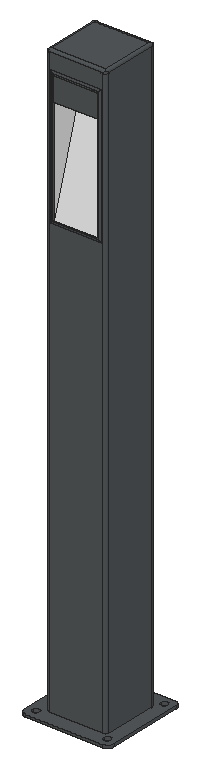
Revit family "svetilnik_alfresco_ar deko_dtu19", category Lighting Fixtures, Revit 2016 (continued)
Definition of nested family "Источник света Ар_Деко"
  Types (5, lengths in mm): name | Photometric Web File | built-in parameter 1150142
             0.2       0.2\r\n       0.2       0.2       0.2       0.2       0.2       0.2       0.2       0.2\r\n       0.2       0.2       0.2       0.2       0.2       0.2       0.2       0.2\r\n       0.2       0.2       0.2       0.2       0.2       0.2       0.2       0.2\r\n       0.2       0.2       0.2       0.2       0.2       0.2       0.2       0.2\r\n       0.2       0.2       0.2       0.2       0.2       0.2       0.2       0.2\r\n       0.2       0.2       0.2       0.2       0.2       0.2       0.2       0.2\r\n       0.2       0.2       0.2       0.2       0.2       0.2       0.2       0.2\r\n       0.2       0.2       0.2       0.2       0.2       0.2       0.2       0.2\r\n       0.2       0.2       0.2       0.2       0.2       0.2       0.2       0.2\r\n       0.2       0.2       0.2       0.2       0.2       0.2       0.2       0.2\r\n       0.2       0.2       0.2       0.2       0.2       0.2       0.2       0.2\r\n       0.2       0.2       0.2       0.2       0.2       0.2       0.2       0.2\r\n       0.2       0.2       0.2       0.2       0.2       0.2       0.2       0.2\r\n       0.2       0.2       0.2       0.2       0.2       0.2       0.2       0.2\r\n       0.2       0.2       0.2       0.2       0.2       0.2       0.2       0.2\r\n       0.2       0.1       0.1       0.1       0.1       0.1       0.1       0.1\r\n       0.1       0.1       0.0       0.0       0.0\r\n       0.0       0.0       0.1       0.1       0.1       0.1       0.1       0.1\r\n       0.2       0.3       0.2       0.2       0.2       0.2       0.2       0.2\r\n       0.2       0.2       0.2       0.2       0.2       0.2       0.2       0.2\r\n       0.2       0.2       0.2       0.2       0.2       0.2       0.2       0.2\r\n       0.2       0.2       0.2       0.2       0.2       0.2       0.2       0.2\r\n       0.2       0.2       0.2       0.2       0.2       0.2       0.2       0.2\r\n       0.2       0.2       0.2       0.2       0.2       0.2       0.2       0.2\r\n       0.2       0.2       0.2       0.2       0.2       0.2       0.2       0.2\r\n       0.2       0.2       0.2       0.2       0.2       0.2       0.2       0.2\r\n       0.2       0.2       0.2       0.2       0.2       0.2       0.2       0.2\r\n       0.2       0.2       0.2       0.2       0.2       0.2       0.2       0.2\r\n       0.2       0.2       0.2       0.2       0.2       0.2       0.2       0.2\r\n       0.2       0.2       0.2       0.2       0.2       0.2       0.2       0.2\r\n       0.2       0.2       0.2       0.2       0.2       0.2       0.2       0.2\r\n       0.2       0.2       0.2       0.2       0.2       0.2       0.2       0.2\r\n       0.2       0.2       0.2       0.2       0.2       0.2       0.2       0.2\r\n       0.2       0.2       0.2       0.2       0.2       0.2       0.2       0.2\r\n       0.2       0.2       0.2       0.2       0.2       0.2       0.2       0.2\r\n       0.2       0.2       0.2       0.2       0.2       0.2       0.2       0.2\r\n       0.2       0.2       0.2       0.2       0.2       0.2       0.2       0.2\r\n       0.2       0.2       0.2       0.2       0.2       0.2       0.2       0.2\r\n       0.2       0.1       0.1       0.1       0.1       0.1       0.1       0.1\r\n       0.1       0.1       0.0       0.0       0.0\r\n       0.0       0.0       0.1       0.1       0.1       0.1       0.1       0.1\r\n       0.2       0.3       0.2       0.2       0.2       0.2       0.2       0.2\r\n       0.2       0.2       0.2       0.2       0.2       0.2       0.2       0.2\r\n       0.2       0.2       0.2       0.2       0.2       0.2       0.2       0.2\r\n       0.3       0.2       0.2       0.2       0.2       0.2       0.2       0.2\r\n       0.2       0.2       0.3       0.2       0.2       0.2       0.2       0.2\r\n       0.2       0.2       0.2       0.2       0.2       0.2       0.2       0.2\r\n       0.2       0.2       0.2       0.2       0.2       0.2       0.3       0.2\r\n       0.2       0.2       0.2       0.2       0.2       0.2       0.2       0.2\r\n       0.2       0.2       0.2       0.2       0.2       0.2       0.2       0.2\r\n       0.2       0.2       0.2       0.2       0.2       0.2       0.2       0.2\r\n       0.2       0.2       0.2       0.2       0.2       0.2       0.2       0.2\r\n       0.2       0.2       0.2       0.2       0.2       0.2       0.2       0.2\r\n       0.2       0.2       0.2       0.2       0.2       0.2       0.2       0.2\r\n       0.2       0.2       0.2       0.2       0.2       0.2       0.2       0.2\r\n       0.2       0.2       0.2       0.2       0.2       0.2       0.2       0.2\r\n       0.2       0.2       0.2       0.2       0.2       0.2       0.2       0.2\r\n       0.2       0.2       0.2       0.2       0.2       0.2       0.2       0.2\r\n       0.2       0.2       0.2       0.2       0.2       0.2       0.2       0.2\r\n       0.2       0.2       0.2       0.2       0.2       0.2       0.2       0.2\r\n       0.2       0.2       0.2       0.2       0.2       0.2       0.2       0.2\r\n       0.2       0.1       0.1       0.1       0.1       0.1       0.1       0.1\r\n       0.1       0.1       0.0       0.0       0.0\r\n       0.0       0.0       0.1       0.1       0.1       0.1       0.1       0.1\r\n       0.2       0.3       0.2       0.2       0.2       0.2       0.2       0.2\r\n       0.2       0.2       0.2       0.2       0.2       0.2       0.2       0.2\r\n       0.2       0.2       0.2       0.2       0.2       0.2       0.2       0.2\r\n       0.2       0.2       0.2       0.2       0.2       0.3       0.3       0.2\r\n       0.2       0.2       0.2       0.4       0.3       0.2       0.2       0.2\r\n       0.2       0.2       0.2       0.2       0.2       0.2       0.2       0.2\r\n       0.2       0.2       0.2       0.2       0.2       0.2       0.2       0.2\r\n       0.2       0.2       0.2       0.2       0.2       0.2       0.2       0.2\r\n       0.2       0.2       0.2       0.2       0.2       0.2       0.2       0.2\r\n       0.2       0.2       0.2       0.2       0.2       0.2       0.2       0.2\r\n       0.2       0.2       0.2       0.2       0.2       0.2       0.2       0.2\r\n       0.2       0.2       0.2       0.2       0.2       0.2       0.2       0.2\r\n       0.2       0.2       0.2       0.2       0.2       0.2       0.2       0.2\r\n       0.2       0.2       0.2       0.2       0.2       0.3       0.2       0.2\r\n       0.2       0.2       0.2       0.2       0.2       0.2       0.2       0.2\r\n       0.2       0.2       0.2       0.2       0.2       0.2       0.2       0.2\r\n       0.2       0.2       0.2       0.2       0.2       0.2       0.2       0.2\r\n       0.2       0.2       0.2       0.2       0.2       0.2       0.2       0.2\r\n       0.2       0.2       0.2       0.2       0.2       0.2       0.2       0.2\r\n       0.2       0.2       0.2       0.2       0.2       0.2       0.2       0.2\r\n       0.2       0.1       0.1       0.1       0.1       0.1       0.1       0.1\r\n       0.1       0.1       0.0       0.0       0.0\r\n       0.0       0.0       0.1       0.1       0.1       0.1       0.1       0.1\r\n       0.2       0.3       0.2       0.2       0.2       0.2       0.2       0.2\r\n       0.2       0.2       0.2       0.2       0.2       0.2       0.2       0.2\r\n       0.2       0.2       0.2       0.2       0.2       0.2       0.2       0.2\r\n       0.2       0.2       0.2       0.2       0.2       0.3       0.2       0.2\r\n       0.2       0.2       0.2       0.3       0.2       0.2       0.2       0.2\r\n       0.2       0.2       0.2       0.2       0.2       0.2       0.2       0.2\r\n       0.2       0.2       0.2       0.2       0.2       0.2       0.2       0.2\r\n       0.2       0.2       0.2       0.2       0.2       0.2       0.2       0.2\r\n       0.2       0.2       0.2       0.2       0.2       0.2       0.2       0.2\r\n       0.2       0.2       0.2       0.2       0.2       0.2       0.2       0.2\r\n       0.2       0.2       0.2       0.2       0.2       0.2       0.2       0.2\r\n       0.2       0.2       0.2       0.2       0.2       0.2       0.2       0.2\r\n       0.2       0.2       0.2       0.2       0.2       0.2       0.2       0.2\r\n       0.2       0.2       0.2       0.2       0.2       0.4       0.2       0.2\r\n       0.2       0.2       0.2       0.2       0.2       0.2       0.2       0.2\r\n       0.2       0.2       0.2       0.2       0.2       0.2       0.2       0.2\r\n       0.2       0.2       0.2       0.2       0.2       0.2       0.2       0.2\r\n       0.2       0.2       0.2       0.2       0.2       0.2       0.2       0.2\r\n       0.2       0.2       0.2       0.2       0.2       0.2       0.2       0.2\r\n       0.2       0.2       0.2       0.2       0.2       0.2       0.2       0.2\r\n       0.2       0.1       0.1       0.1       0.1       0.1       0.1       0.1\r\n       0.1       0.1       0.0       0.0       0.0\r\n       0.0       0.0       0.1       0.1       0.1       0.1       0.1       0.1\r\n       0.2       0.2       0.2       0.2       0.2       0.2       0.2       0.2\r\n       0.2       0.2       0.2       0.2       0.2       0.2       0.2       0.2\r\n       0.2       0.2       0.2       0.2       0.2       0.2       0.2       0.2\r\n       0.2       0.2       0.2       0.2       0.2       0.2       0.2       0.2\r\n       0.2       0.2       0.2       0.2       0.2       0.2       0.2       0.2\r\n       0.2       0.2       0.2       0.2       0.2       0.2       0.2       0.2\r\n       0.2       0.2       0.2       0.2       0.2       0.2       0.2       0.2\r\n       0.2       0.2       0.2       0.2       0.2       0.2       0.2       0.2\r\n       0.2       0.2       0.2       0.2       0.2       0.2       0.2       0.2\r\n       0.2       0.2       0.2       0.2       0.2       0.2       0.2       0.2\r\n       0.2       0.2       0.2       0.2       0.2       0.2       0.2       0.2\r\n       0.2       0.2       0.2       0.2       0.2       0.2       0.2       0.2\r\n       0.2       0.2       0.2       0.2       0.2       0.2       0.2       0.2\r\n       0.2       0.2       0.2       0.2       0.2       0.2       0.2       0.2\r\n       0.2       0.2       0.2       0.2       0.2       0.2       0.2       0.2\r\n       0.2       0.2       0.2       0.2       0.2       0.2       0.2       0.2\r\n       0.2       0.2       0.2       0.2       0.2       0.2       0.2       0.2\r\n       0.2       0.2       0.2       0.2       0.2       0.2       0.2       0.2\r\n       0.2       0.2       0.2       0.2       0.2       0.2       0.2       0.2\r\n       0.2       0.2       0.2       0.2       0.2       0.2       0.2       0.2\r\n       0.2       0.1       0.1       0.1       0.1       0.1       0.1       0.1\r\n       0.1       0.1       0.0       0.0       0.0\r\n       0.0       0.0       0.1       0.1       0.1       0.1       0.1       0.1\r\n       0.2       0.2       0.2       0.2       0.2       0.2       0.2       0.2\r\n       0.2       0.2       0.2       0.2       0.2       0.2       0.2       0.2\r\n       0.2       0.2       0.2       0.2       0.2       0.2       0.2       0.2\r\n       0.2       0.2       0.2       0.2       0.2       0.2       0.2       0.2\r\n       0.2       0.2       0.2       0.2       0.2       0.2       0.2       0.2\r\n       0.2       0.2       0.2       0.2       0.2       0.2       0.2       0.2\r\n       0.2       0.2       0.2       0.2       0.2       0.2       0.2       0.2\r\n       0.2       0.2       0.2       0.2       0.2       0.2       0.2       0.2\r\n       0.2       0.2       0.2       0.2       0.2       0.2       0.2       0.2\r\n       0.2       0.2       0.2       0.2       0.2       0.2       0.2       0.2\r\n       0.2       0.2       0.2       0.2       0.2       0.2       0.2       0.2\r\n       0.2       0.2       0.2       0.2       0.2       0.2       0.2       0.2\r\n       0.2       0.2       0.2       0.2       0.2       0.2       0.2       0.2\r\n       0.2       0.2       0.2       0.2       0.2       0.2       0.2       0.2\r\n       0.2       0.2       0.2       0.2       0.2       0.2       0.2       0.2\r\n       0.2       0.2       0.2       0.2       0.2       0.2       0.2       0.2\r\n       0.2       0.2       0.2       0.2       0.2       0.2       0.2       0.2\r\n       0.2       0.2       0.2       0.2       0.2       0.2       0.2       0.2\r\n       0.2       0.2       0.2       0.2       0.2       0.2       0.2       0.2\r\n       0.2       0.2       0.2       0.2       0.2       0.2       0.2       0.2\r\n       0.2       0.1       0.1       0.1       0.1       0.1       0.1       0.1\r\n       0.1       0.1       0.0       0.0       0.0\r\n       0.0       0.0       0.1       0.1       0.1       0.1       0.1       0.1\r\n       0.2       0.2       0.2       0.2       0.2       0.2       0.2       0.2\r\n       0.2       0.2       0.2       0.2       0.2       0.2       0.2       0.2\r\n       0.2       0.2       0.2       0.2       0.2       0.2       0.2       0.2\r\n       0.2       0.2       0.2       0.2       0.2       0.2       0.2       0.2\r\n       0.2       0.2       0.2       0.2       0.2       0.2       0.2       0.2\r\n       0.2       0.2       0.2       0.2       0.2       0.2       0.2       0.2\r\n       0.2       0.2       0.2       0.2       0.2       0.2       0.2       0.2\r\n       0.2       0.2       0.2       0.2       0.2       0.2       0.2       0.2\r\n       0.2       0.2       0.2       0.2       0.2       0.2       0.2       0.2\r\n       0.2       0.2       0.2       0.2       0.2       0.2       0.2       0.2\r\n       0.2       0.2       0.2       0.2       0.2       0.2       0.2       0.2\r\n       0.2       0.2       0.2       0.2       0.2       0.2       0.2       0.2\r\n       0.2       0.2       0.2       0.2       0.2       0.2       0.2       0.2\r\n       0.2       0.2       0.2       0.2       0.2       0.2       0.2       0.2\r\n       0.2       0.2       0.2       0.2       0.2       0.2       0.2       0.2\r\n       0.2       0.2       0.2       0.2       0.2       0.2       0.2       0.2\r\n       0.2       0.2       0.2       0.2       0.2       0.2       0.2       0.2\r\n       0.2       0.2       0.2       0.2       0.2       0.2       0.2       0.2\r\n       0.2       0.2       0.2       0.2       0.2       0.2       0.2       0.2\r\n       0.2       0.2       0.2       0.2       0.2       0.2       0.2       0.2\r\n       0.2       0.1       0.1       0.1       0.1       0.1       0.1       0.1\r\n       0.1       0.1       0.0       0.0       0.0\r\n       0.0       0.0       0.1       0.1       0.1       0.1       0.1       0.1\r\n       0.2       0.2       0.2       0.2       0.2       0.2       0.2       0.2\r\n       0.2       0.2       0.2       0.2       0.2       0.2       0.2       0.2\r\n       0.2       0.2       0.2       0.2       0.2       0.2       0.2       0.2\r\n       0.2       0.2       0.2       0.2       0.2       0.2       0.2       0.2\r\n       0.2       0.2       0.2       0.2       0.2       0.2       0.2       0.2\r\n       0.2       0.2       0.2       0.2       0.2       0.2       0.2       0.2\r\n       0.2       0.2       0.2       0.2       0.2       0.2       0.2       0.2\r\n       0.2       0.2       0.2       0.2       0.2       0.2       0.2       0.2\r\n       0.2       0.2       0.2       0.2       0.2       0.2       0.2       0.2\r\n       0.2       0.2       0.2       0.2       0.2       0.2       0.2       0.2\r\n       0.2       0.2       0.2       0.2       0.2       0.2       0.2       0.2\r\n       0.2       0.2       0.2       0.2       0.2       0.2       0.2       0.2\r\n       0.2       0.2       0.2       0.2       0.2       0.2       0.2       0.2\r\n       0.2       0.2       0.2       0.2       0.2       0.2       0.2       0.2\r\n       0.2       0.2       0.2       0.2       0.2       0.2       0.2       0.2\r\n       0.2       0.2       0.2       0.2       0.2       0.2       0.2       0.2\r\n       0.2       0.2       0.2       0.2       0.2       0.2       0.2       0.2\r\n       0.2       0.2       0.2       0.2       0.2       0.2       0.2       0.2\r\n       0.2       0.2       0.2       0.2       0.2       0.2    
         0.2       0.2\r\n       0.2       0.2       0.2       0.2       0.2       0.2       0.2       0.2\r\n       0.2       0.1       0.1       0.1       0.1       0.1       0.1       0.1\r\n       0.1       0.1       0.0       0.0       0.0\r\n       0.0       0.0       0.1       0.1       0.1       0.1       0.1       0.1\r\n       0.2       0.2       0.2       0.2       0.2       0.2       0.2       0.2\r\n       0.2       0.2       0.2       0.2       0.2       0.2       0.2       0.2\r\n       0.2       0.2       0.2       0.2       0.2       0.2       0.2       0.2\r\n       0.2       0.2       0.2       0.2       0.2       0.2       0.2       0.2\r\n       0.2       0.2       0.2       0.2       0.2       0.2       0.2       0.2\r\n       0.2       0.2       0.2       0.2       0.2       0.2       0.2       0.2\r\n       0.2       0.2       0.2       0.2       0.2       0.2       0.2       0.2\r\n       0.2       0.2       0.2       0.2       0.2       0.2       0.2       0.2\r\n       0.2       0.2       0.2       0.2       0.2       0.2       0.2       0.2\r\n       0.2       0.2       0.2       0.2       0.2       0.2       0.2       0.2\r\n       0.2       0.2       0.2       0.2       0.2       0.2       0.2       0.2\r\n       0.2       0.2       0.2       0.2       0.2       0.2       0.2       0.2\r\n       0.2       0.2       0.2       0.2       0.2       0.2       0.2       0.2\r\n       0.2       0.2       0.2       0.2       0.2       0.2       0.2       0.2\r\n       0.2       0.2       0.2       0.2       0.2       0.2       0.2       0.2\r\n       0.2       0.2       0.2       0.2       0.2       0.2       0.2       0.2\r\n       0.2       0.2       0.2       0.2       0.2       0.2       0.2       0.2\r\n       0.2       0.2       0.2       0.2       0.2       0.2       0.2       0.2\r\n       0.2       0.2       0.2       0.2       0.2       0.2       0.2       0.2\r\n       0.2       0.2       0.2       0.2       0.2       0.2       0.2       0.2\r\n       0.2       0.1       0.1       0.1       0.1       0.1       0.1       0.1\r\n       0.1       0.1       0.0       0.0       0.0\r\n       0.0       0.0       0.1       0.1       0.1       0.1       0.1       0.1\r\n       0.2       0.2       0.2       0.2       0.2       0.2       0.2       0.2\r\n       0.2       0.2       0.2       0.2       0.2       0.2       0.2       0.2\r\n       0.2       0.2       0.2       0.2       0.2       0.2       0.2       0.2\r\n       0.2       0.2       0.2       0.2       0.2       0.2       0.2       0.2\r\n       0.2       0.2       0.2       0.2       0.2       0.2       0.2       0.2\r\n       0.2       0.2       0.2       0.2       0.2       0.2       0.2       0.2\r\n       0.2       0.2       0.2       0.2       0.2       0.2       0.2       0.2\r\n       0.2       0.2       0.2       0.2       0.2       0.2       0.2       0.2\r\n       0.2       0.2       0.2       0.2       0.2       0.2       0.2       0.2\r\n       0.2       0.2       0.2       0.2       0.2       0.2       0.2       0.2\r\n       0.2       0.2       0.2       0.2       0.2       0.2       0.2       0.2\r\n       0.2       0.2       0.2       0.2       0.2       0.2       0.2       0.2\r\n       0.2       0.2       0.2       0.2       0.2       0.2       0.2       0.2\r\n       0.2       0.2       0.2       0.2       0.2       0.2       0.2       0.2\r\n       0.2       0.2       0.2       0.2       0.2       0.2       0.2       0.2\r\n       0.2       0.2       0.2       0.2       0.2       0.2       0.2       0.2\r\n       0.2       0.2       0.2       0.2       0.2       0.2       0.2       0.2\r\n       0.2       0.2       0.2       0.2       0.2       0.2       0.2       0.2\r\n       0.2       0.2       0.2       0.2       0.2       0.2       0.2       0.2\r\n       0.2       0.2       0.2       0.2       0.2       0.2       0.2       0.2\r\n       0.2       0.1       0.1       0.1       0.1       0.1       0.1       0.1\r\n       0.1       0.1       0.0       0.0       0.0\r\n       0.0       0.0       0.1       0.1       0.1       0.1       0.1       0.1\r\n       0.2       0.2       0.2       0.2       0.2       0.2       0.2       0.2\r\n       0.2       0.2       0.2       0.2       0.2       0.2       0.2       0.2\r\n       0.2       0.2       0.2       0.2       0.2       0.2       0.2       0.2\r\n       0.2       0.2       0.2       0.2       0.2       0.2       0.2       0.2\r\n       0.2       0.2       0.2       0.2       0.2       0.2       0.2       0.2\r\n       0.2       0.2       0.2       0.2       0.2       0.2       0.2       0.2\r\n       0.2       0.2       0.2       0.2       0.2       0.2       0.2       0.2\r\n       0.2       0.2       0.2       0.2       0.2       0.2       0.2       0.2\r\n       0.2       0.2       0.2       0.2       0.2       0.2       0.2       0.2\r\n       0.2       0.2       0.2       0.2       0.2       0.2       0.2       0.2\r\n       0.2       0.2       0.2       0.2       0.2       0.2       0.2       0.2\r\n       0.2       0.2       0.2       0.2       0.2       0.2       0.2       0.2\r\n       0.2       0.2       0.2       0.2       0.2       0.2       0.2       0.2\r\n       0.2       0.2       0.2       0.2       0.2       0.2       0.2       0.2\r\n       0.2       0.2       0.2       0.2       0.2       0.2       0.2       0.2\r\n       0.2       0.2       0.2       0.2       0.2       0.2       0.2       0.2\r\n       0.2       0.2       0.2       0.2       0.2       0.2       0.2       0.2\r\n       0.2       0.2       0.2       0.2       0.2       0.2       0.2       0.2\r\n       0.2       0.2       0.2       0.2       0.2       0.2       0.2       0.2\r\n       0.2       0.2       0.2       0.2       0.2       0.2       0.2       0.2\r\n       0.2       0.1       0.1       0.1       0.1       0.1       0.1       0.1\r\n       0.1       0.1       0.0       0.0       0.0\r\n       0.0       0.0       0.0       0.1       0.1       0.1       0.1       0.1\r\n       0.2       0.2       0.2       0.2       0.2       0.2       0.2       0.2\r\n       0.2       0.2       0.2       0.2       0.2       0.2       0.2       0.2\r\n       0.2       0.2       0.2       0.2       0.2       0.2       0.2       0.2\r\n       0.2       0.2       0.2       0.2       0.2       0.2       0.2       0.2\r\n       0.2       0.2       0.2       0.2       0.2       0.2       0.2       0.2\r\n       0.2       0.2       0.2       0.2       0.2       0.2       0.2       0.2\r\n       0.2       0.2       0.2       0.2       0.2       0.2       0.2       0.2\r\n       0.2       0.2       0.2       0.2       0.2       0.2       0.2       0.2\r\n       0.2       0.2       0.2       0.2       0.2       0.2       0.2       0.2\r\n       0.2       0.2       0.2       0.2       0.2       0.2       0.2       0.2\r\n       0.2       0.2       0.2       0.2       0.2       0.2       0.2       0.2\r\n       0.2       0.2       0.2       0.2       0.2       0.2       0.2       0.2\r\n       0.2       0.2       0.2       0.2       0.2       0.2       0.2       0.2\r\n       0.2       0.2       0.2       0.2       0.2       0.2       0.2       0.2\r\n       0.2       0.2       0.2       0.2       0.2       0.2       0.2       0.2\r\n       0.2       0.2       0.2       0.2       0.2       0.2       0.2       0.2\r\n       0.2       0.2       0.2       0.2       0.2       0.2       0.2       0.2\r\n       0.2       0.2       0.2       0.2       0.2       0.2       0.2       0.2\r\n       0.2       0.2       0.2       0.2       0.2       0.2       0.2       0.2\r\n       0.2       0.2       0.2       0.2       0.2       0.2       0.2       0.2\r\n       0.2       0.1       0.1       0.1       0.1       0.1       0.1       0.1\r\n       0.1       0.1       0.0       0.0       0.0\r\n       0.0       0.0       0.0       0.1       0.1       0.1       0.1       0.1\r\n       0.2       0.2       0.2       0.2       0.2       0.2       0.2       0.2\r\n       0.2       0.2       0.2       0.2       0.2       0.2       0.2       0.2\r\n       0.2       0.2       0.2       0.2       0.2       0.2       0.2       0.2\r\n       0.2       0.2       0.2       0.2       0.2       0.2       0.2       0.2\r\n       0.2       0.2       0.2       0.2       0.2       0.2       0.2       0.2\r\n       0.2       0.2       0.2       0.2       0.2       0.2       0.2       0.2\r\n       0.2       0.2       0.2       0.2       0.2       0.2       0.2       0.2\r\n       0.2       0.2       0.2       0.2       0.2       0.2       0.2       0.2\r\n       0.2       0.2       0.2       0.2       0.2       0.2       0.2       0.2\r\n       0.2       0.2       0.2       0.2       0.2       0.2       0.2       0.2\r\n       0.2       0.2       0.2       0.2       0.2       0.2       0.2       0.2\r\n       0.2       0.2       0.2       0.2       0.2       0.2       0.2       0.2\r\n       0.2       0.2       0.2       0.2       0.2       0.2       0.2       0.2\r\n       0.2       0.2       0.2       0.2       0.2       0.2       0.2       0.2\r\n       0.2       0.2       0.2       0.2       0.2       0.2       0.2       0.2\r\n       0.2       0.2       0.2       0.2       0.2       0.2       0.2       0.2\r\n       0.2       0.2       0.2       0.2       0.2       0.2       0.2       0.2\r\n       0.2       0.2       0.2       0.2       0.2       0.2       0.2       0.2\r\n       0.2       0.2       0.2       0.2       0.2       0.2       0.2       0.2\r\n       0.2       0.2       0.2       0.2       0.2       0.2       0.2       0.2\r\n       0.2       0.1       0.1       0.1       0.1       0.1       0.1       0.1\r\n       0.1       0.1       0.0       0.0       0.0\r\n       0.0       0.0       0.0       0.1       0.1       0.1       0.1       0.1\r\n       0.2       0.2       0.2       0.2       0.2       0.2       0.2       0.2\r\n       0.2       0.2       0.2       0.2       0.2       0.2       0.2       0.2\r\n       0.2       0.3       0.2       0.2       0.2       0.2       0.2       0.2\r\n       0.2       0.2       0.2       0.2       0.2       0.2       0.2       0.2\r\n       0.2       0.2       0.2       0.2       0.2       0.2       0.2       0.2\r\n       0.2       0.2       0.2       0.2       0.2       0.2       0.2       0.2\r\n       0.2       0.2       0.2       0.2       0.2       0.2       0.2       0.2\r\n       0.2       0.2       0.2       0.2       0.2       0.2       0.2       0.2\r\n       0.2       0.2       0.2       0.2       0.2       0.2       0.2       0.2\r\n       0.2       0.2       0.2       0.2       0.2       0.2       0.2       0.2\r\n       0.2       0.2       0.2       0.2       0.2       0.2       0.2       0.2\r\n       0.2       0.2       0.2       0.2       0.2       0.2       0.2       0.2\r\n       0.2       0.2       0.2       0.2       0.2       0.2       0.2       0.2\r\n       0.2       0.2       0.2       0.2       0.2       0.2       0.2       0.2\r\n       0.2       0.2       0.2       0.2       0.2       0.2       0.2       0.2\r\n       0.2       0.2       0.2       0.2       0.2       0.2       0.2       0.2\r\n       0.2       0.2       0.2       0.2       0.2       0.2       0.2       0.2\r\n       0.2       0.2       0.2       0.2       0.2       0.2       0.2       0.2\r\n       0.2       0.2       0.2       0.2       0.2       0.2       0.2       0.2\r\n       0.2       0.2       0.2       0.2       0.2       0.2       0.2       0.2\r\n       0.2       0.1       0.1       0.1       0.1       0.1       0.1       0.1\r\n       0.1       0.1       0.0       0.0       0.0\r\n       0.0       0.0       0.0       0.1       0.1       0.1       0.1       0.1\r\n       0.2       0.2       0.2       0.2       0.2       0.2       0.2       0.2\r\n       0.2       0.2       0.2       0.2       0.2       0.2       0.2       0.2\r\n       0.2       0.2       0.2       0.2       0.2       0.2       0.2       0.2\r\n       0.2       0.2       0.2       0.2       0.2       0.2       0.2       0.2\r\n       0.2       0.2       0.2       0.2       0.2       0.2       0.2       0.2\r\n       0.2       0.2       0.2       0.2       0.2       0.2       0.2       0.2\r\n       0.2       0.2       0.2       0.2       0.2       0.2       0.2       0.2\r\n       0.2       0.2       0.2       0.2       0.2       0.2       0.2       0.2\r\n       0.2       0.2       0.2       0.2       0.2       0.2       0.2       0.2\r\n       0.2       0.2       0.2       0.2       0.2       0.2       0.2       0.2\r\n       0.2       0.2       0.2       0.2       0.2       0.2       0.2       0.2\r\n       0.2       0.2       0.2       0.2       0.2       0.2       0.2       0.2\r\n       0.2       0.2       0.2       0.2       0.2       0.2       0.2       0.2\r\n       0.2       0.2       0.2       0.2       0.2       0.2       0.2       0.2\r\n       0.2       0.2       0.2       0.2       0.2       0.2       0.2       0.2\r\n       0.2       0.2       0.2       0.2       0.2       0.2       0.2       0.2\r\n       0.2       0.2       0.2       0.2       0.2       0.3       0.2       0.2\r\n       0.2       0.2       0.2       0.2       0.2       0.2       0.2       0.2\r\n       0.2       0.2       0.2       0.2       0.2       0.2       0.2       0.2\r\n       0.2       0.2       0.2       0.2       0.2       0.2       0.2       0.2\r\n       0.2       0.1       0.1       0.1       0.1       0.1       0.1       0.1\r\n       0.1       0.1       0.0       0.0       0.0\r\n       0.0       0.0       0.0       0.0       0.1       0.1       0.1       0.1\r\n       0.2       0.2       0.2       0.2       0.2       0.2       0.2       0.2\r\n       0.2       0.2       0.2       0.2       0.2       0.2       0.2       0.2\r\n       0.2       0.2       0.2       0.2       0.2       0.2       0.2       0.2\r\n       0.2       0.2       0.2       0.2       0.2       0.2       0.2       0.2\r\n       0.2       0.2       0.2       0.2       0.2       0.2       0.2       0.2\r\n       0.2       0.2       0.2       0.2       0.2       0.2       0.2       0.2\r\n       0.2       0.2       0.2       0.2       0.2       0.2       0.2       0.2\r\n       0.2       0.2       0.2       0.2       0.2       0.2       0.2       0.2\r\n       0.2       0.2       0.2       0.2       0.2       0.2       0.2       0.2\r\n       0.2       0.2       0.2       0.2       0.2       0.2       0.2       0.2\r\n       0.2       0.2       0.2       0.2       0.2       0.2       0.2       0.2\r\n       0.2       0.2       0.2       0.2       0.2       0.2       0.2       0.2\r\n       0.2       0.2       0.2       0.2       0.2       0.2       0.2       0.2\r\n       0.2       0.2       0.2       0.2       0.2       0.2       0.2       0.2\r\n       0.2       0.2       0.2       0.2       0.2       0.2       0.2       0.2\r\n       0.2       0.2       0.2       0.2       0.2       0.2       0.2       0.2\r\n       0.2       0.2       0.2       0.2       0.2       0.2       0.2       0.2\r\n       0.2       0.2       0.2       0.2       0.2       0.2       0.2       0.2\r\n       0.2       0.2       0.2       0.2       0.2       0.2       0.2       0.2\r\n       0.2       0.2       0.2       0.2       0.2       0.2       0.2       0.2\r\n       0.2       0.1       0.1       0.1       0.1       0.1       0.1       0.1\r\n       0.1       0.1       0.0       0.0       0.0\r\n       0.0       0.0       0.0       0.0       0.1       0.1       0.1       0.1\r\n       0.2       0.2       0.2       0.2       0.2       0.2       0.2       0.2\r\n       0.2       0.2       0.2       0.2       0.2       0.2       0.2       0.2\r\n       0.2       0.2       0.2       0.2       0.2       0.2       0.2       0.2\r\n       0.2       0.2       0.2       0.2       0.2       0.2       0.2       0.2\r\n       0.2       0.2       0.2       0.2       0.2       0.2       0.2       0.2\r\n       0.2       0.2       0.2       0.2       0.2       0.2       0.2       0.2\r\n       0.2       0.2       0.2       0.2       0.2       0.2       0.2       0.2\r\n       0.2       0.2       0.2       0.2       0.2       0.2       0.2       0.2\r\n       0.2       0.2       0.2       0.2       0.2       0.2       0.2       0.2\r\n       0.2       0.2       0.2       0.2       0.2       0.2       0.2       0.2\r\n       0.2      
